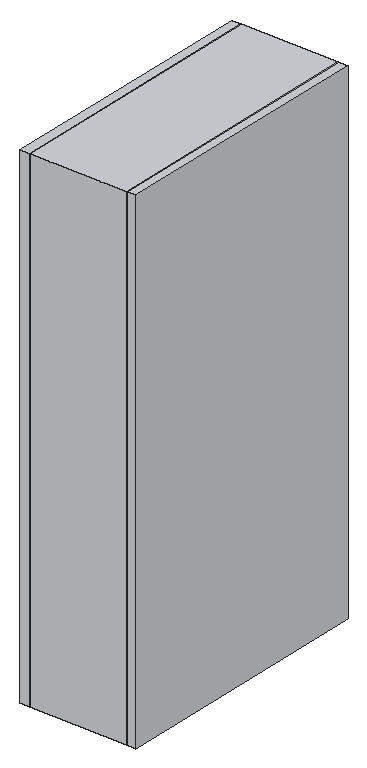
Revit family "WENGER 6-SHELF MUSIC LIBRARY (SINGE UNIT)", category Generic Models, Revit 2012
Parameters
  HEIGHT = 6' - 9 1/2"
  ECP WIDTH = 0' - 1 1/2"
  ECP SPACING = 1' - 4"  # constant formula
Reference planes (in)
  plane 1 "Center (Front/Back)": y = 0
  plane 2: z = 0
  plane 3 "Center (Left/Right)": x = 0
  plane 4 "BACK": y = 21.75
  plane 5 "FRONT": y = -21.75
  plane 6 "LEFT ECP INSIDE": x = -8
  plane 7 "LEFT ECP OUTSIDE": x = -9.5
  plane 8 "RIGHT ECP INSIDE": x = 8
  plane 9 "RIGHT ECP OUTSIDE": x = 9.5
  plane 10: z = 81.5
Forms (in)
  Extrusion 1, solid
    sketch origin (0, 0, 0) x (1, 0, 0) y (0, 1, 0)
      loop
        line (-9.5, 21.75) -> (-9.5, -21.75) -> (-8, -21.75) -> (-8, 21.75) -> (-9.5, 21.75)
      loop
        line (8, 21.75) -> (8, -21.75) -> (9.5, -21.75) -> (9.5, 21.75) -> (8, 21.75)
    from 0 to 81.5
Dimensions and locks (in)
  "ECP WIDTH": plane 7 "LEFT ECP OUTSIDE" to plane 6 "LEFT ECP INSIDE"
  "ECP WIDTH": plane 8 "RIGHT ECP INSIDE" to plane 9 "RIGHT ECP OUTSIDE"
  equal spacing: plane 6 "LEFT ECP INSIDE", plane 3 "Center (Left/Right)", plane 8 "RIGHT ECP INSIDE"
  "ECP SPACING": plane 6 "LEFT ECP INSIDE" to plane 8 "RIGHT ECP INSIDE"
  equal spacing: plane 4 "BACK", plane 1 "Center (Front/Back)", plane 5 "FRONT", locked at 21.75 each
  locked: plane 4 "BACK" to plane 5 "FRONT" at 43.5
  "HEIGHT": plane 10 to plane 2
  aligned and locked: plane 2 to level
  aligned and locked: Extrusion 1 sketch curve to plane 4 "BACK"  (x2)
  aligned and locked: plane 7 "LEFT ECP OUTSIDE" to Extrusion 1 sketch curve
  aligned and locked: plane 5 "FRONT" to Extrusion 1 sketch curve  (x2)
  aligned and locked: Extrusion 1 sketch curve to plane 6 "LEFT ECP INSIDE"
  aligned and locked: plane 8 "RIGHT ECP INSIDE" to Extrusion 1 sketch curve
  aligned and locked: Extrusion 1 sketch curve to plane 9 "RIGHT ECP OUTSIDE"
  aligned and locked: Extrusion 1 to plane 2
  aligned and locked: plane 4 "BACK" to nested 1
  aligned and locked: plane 5 "FRONT" to nested 1
  aligned and locked: plane 6 "LEFT ECP INSIDE" to nested 1
  aligned and locked: Extrusion 1 to nested 1
Nested families (in)
  nested 1: "6-SHELF, 1-UNIT" at (0, 0, 0), type "6-SHELF, 1-UNIT"
Definition of nested family "6-SHELF, 1-UNIT"
  Parameters (values of type "6-SHELF, 1-UNIT")
    HEIGHT = 6' - 9 1/2"
    Cabinet Label = Labels : 7-SHELF
  Reference planes (in)
    plane 1 "Center (Front/Back)": y = 0
    plane 2 "BOTTOM": z = 0
    plane 3 "Center (Left/Right)": x = 0
    plane 4 "RIGHT": x = 8
    plane 5 "LEFT": x = -8
    plane 6 "BACK": y = 21.75
    plane 7 "FRONT": y = -21.75
    plane 8 "OPEN POSITION": y = -58.24743
    plane 9 "TOP": z = 81.5
    plane 10: x = -3.5
    plane 11: x = 3.5
    plane 12 "FRONT DETAIL 1": z = 54
    plane 13 "FRONT DETAIL 2": z = 52.5
    plane 14 "FRONT DETAIL 3": z = 46
    plane 15: x = -1.5
    plane 16: x = 1.5
  Forms (in)
    Extrusion 1, solid
      sketch origin (0, 0, 0) x (1, 0, 0) y (0, 1, 0)
        loop
          line (-8, 21.75) -> (-8, -21.75) -> (8, -21.75) -> (8, 21.75) -> (-8, 21.75)
      from 0 to 81.5
  Lines and regions (in)
    model lines, style "GenericModelHiddenLines"
      curve 1: line (-8, -21.75, 0) -> (-8, -58.24743, 0)
      curve 2: line (-8, -58.24743, 0) -> (8, -58.24743, 0)
      curve 3: line (8, -58.24743, 0) -> (8, -21.75, 0)
    model lines, style "GenericModel"
      curve 4: line (-1.5, -21.75, 54) -> (1.5, -21.75, 54)
      curve 5: line (1.5, -21.75, 54) -> (1.5, -21.75, 52.5)
      curve 6: line (1.5, -21.75, 52.5) -> (-1.5, -21.75, 52.5)
      curve 7: line (-1.5, -21.75, 52.5) -> (-1.5, -21.75, 54)
      curve 8: line (-3.5, -21.75, 46) -> (3.5, -21.75, 46)
  Dimensions and locks (in)
    equal spacing: plane 5 "LEFT", plane 3 "Center (Left/Right)", plane 4 "RIGHT"
    locked: plane 5 "LEFT" to plane 4 "RIGHT" at 16
    equal spacing: plane 6 "BACK", plane 1 "Center (Front/Back)", plane 7 "FRONT"
    plane 6 "BACK" to plane 7 "FRONT" to plane 8 "OPEN POSITION" = 3' - 7 1/2" locked, 3' - 0.49743" locked
    "HEIGHT": plane 2 "BOTTOM" to plane 9 "TOP"
    plane 12 "FRONT DETAIL 1" to plane 13 "FRONT DETAIL 2" to plane 14 "FRONT DETAIL 3" to plane 2 "BOTTOM" = 0' - 1 1/2" locked, 0' - 6 1/2" locked, 3' - 10" locked
    plane 11 to plane 16 to plane 15 to plane 10 to plane 5 "LEFT" = 0' - 2" locked, 0' - 3" locked, 0' - 2" locked, 0' - 4 1/2" locked
    aligned and locked: plane 2 "BOTTOM" to level
    aligned and locked: Extrusion 1 sketch curve to plane 6 "BACK"
    aligned and locked: plane 5 "LEFT" to Extrusion 1 sketch curve
    aligned and locked: plane 7 "FRONT" to Extrusion 1 sketch curve
    aligned and locked: Extrusion 1 sketch curve to plane 4 "RIGHT"
    aligned and locked: Extrusion 1 to plane 2 "BOTTOM"
    aligned and locked: Extrusion 1 to plane 9 "TOP"
    aligned and locked: curve 1 to plane 5 "LEFT"
    aligned and locked: curve 2 to plane 8 "OPEN POSITION"
    aligned and locked: plane 4 "RIGHT" to curve 3
    aligned and locked: curve 8 to plane 14 "FRONT DETAIL 3"
    aligned and locked: plane 11 to curve 8
    aligned and locked: plane 10 to curve 8
    aligned and locked: plane 15 to curve 7
    aligned and locked: curve 5 to plane 16
    aligned and locked: curve 4 to plane 12 "FRONT DETAIL 1"
    aligned and locked: plane 13 "FRONT DETAIL 2" to curve 6
  Automatic sketch dimensions
    curve 3 to plane 7 "FRONT" = 0' - 0"
    curve 1 to plane 7 "FRONT" = 0' - 0"
  Nested families (in)
    nested 1: "Labels" at (0, 0, 0) x (0, 1, 0) z (0, 0, 1), type <- "Cabinet Label", type "7-SHELF"
  Definition of nested family "Labels"
    Parameters (values of type "6-SHELF")
      Cabinet Label = "6-SHELF"
    Types (2): name | Cabinet Label
      6-SHELF | "6-SHELF"
      7-SHELF | "7-SHELF"
    Reference planes (in)
      plane 1: y = 0
      plane 2: x = 0
    Text (in)
      label "xxxx" at (-0.00018, 0.00754, 0), shows "Cabinet Label"
